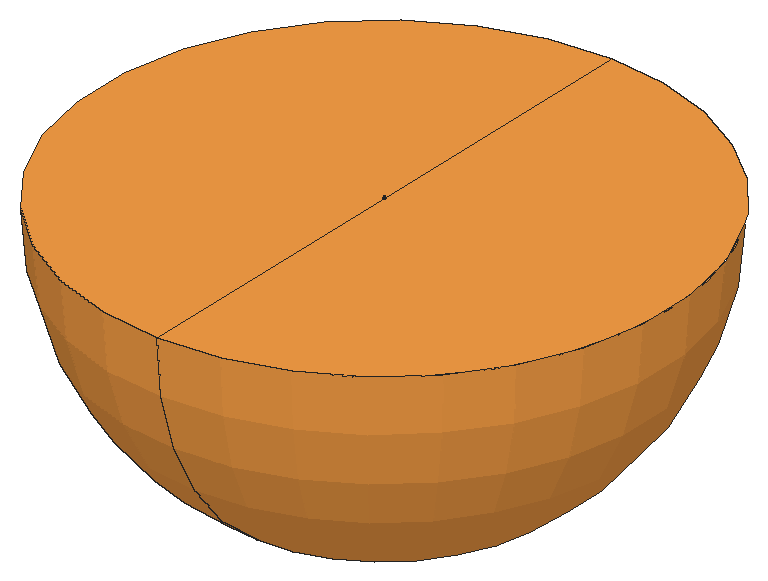
Revit family "Difusores cerrados para aplicaciones generales", category Rociadores, Revit 2017
Family settings
  Mantener orientación de anotación = No
  Cota de conector redondo = Radio de uso
  Tipo de pieza = Normal
  Número OmniClass = 23.65.70.17.11.24
  Título OmniClass = Fire Fighting Sprinkler Heads
  Se basa en plano de trabajo = Sí
  Siempre vertical = Sí
  Corte con vacíos al cargar = No
  Compartido = No
  Punto de cálculo de habitación = No
Parameters (values of type "Difusor cerrado 7 toberas 120º -  2,8 a 35,7 l/min")
  Ángulo = 120.00°
  Zona de acción = yes
  URL = "http://aguilera.es/?productos=difusores-cerrados-de-agua-nebulizada"
  Símbolo texto modelo = yes
  Símbolo = yes
  Respuesta = Norma
  Orificio = Norma
  Nº Toberas = 6
  Modelo = "AN/CC120T7"
  Flujo máximo = 25.5 L/min
  Flujo = 2.0 L/min
  Fabricante = "Aguilera Electrónica"  # constant formula
  Default Elevation = 1219.2 mm
  Descripción = "Cabeza nebulizadora cerrada con bulbo térmico (fusible) que rompe a 57º y abre las toberas. Van equipadas con 5 o 7 toberas montadas en un ángulo de apertura de 120º y un rango de caudales suficiente para cubrir una amplia gama de necesidades."  # constant formula
  Flujo mínimo = 2.0 L/min
  Cobertura = Norma
  Clase de presión = Norma
  120 = yes
Types (3, lengths in mm): name | Nº Toberas | Modelo | Flujo | Flujo mínimo
  (no name) | 6 | "AN/CC120T7" | 2.0 L/min | 2.0 L/min
  Difusor cerrado 5 toberas 120º -  2,4 a 25,5 l/min | 4 | "AN/CC120T5" | 2.4 L/min | 2.4 L/min
  Difusor cerrado 7 toberas 120º -  2,8 a 35,7 l/min | 6 | "AN/CC120T7" | 2.0 L/min | 2.0 L/min
Reference planes
  plane 1 "Centro (Frontal/Posterior)": y = 0
  plane 2: z = 0
  plane 3 "Centro (Izquierda/Derecha)": x = 0
  plane 4: through (4267.2, 0, -48.641) normal (0, -0.866, 0.5)
  plane 5: z = -29
Forms (mm)
  Extrusion 1, solid, material "Acero inoxidable"
    sketch origin (-289.747, -1524, -2) x (-1, 0, 0) y (0, -1, 0)
      loop
        circle (-289.747, -1524) r 8.5
    from 0 to 2
  Extrusion 2, solid, material "Acero inoxidable", detail levels fine
    sketch origin (-289.747, -1524, 2) x (-1, 0, 0) y (0, -1, 0)
      loop
        circle (-289.747, -1524) r 8
    from 0 to 3
  Extrusion 3, solid, material "Acero inoxidable", detail levels fine
    sketch origin (-289.747, -1524, 5) x (-1, 0, 0) y (0, -1, 0)
      loop
        circle (-289.747, -1524) r 8.724
    from 0 to 10
  Extrusion 4, solid, material "Acero inoxidable", detail levels fine
    sketch origin (-289.747, -1524, 15) x (-1, 0, 0) y (0, -1, 0)
      loop
        line (-293.595, -1531.555) -> (-285.899, -1531.555)
        arc (-285.899, -1531.555) -> (-280.799, -1524.165) -> (-285.385, -1516.445) r 8.319
        line (-285.385, -1516.445) -> (-294.109, -1516.445)
        arc (-294.109, -1516.445) -> (-298.696, -1524.165) -> (-293.595, -1531.555) r 8.319
    from 0 to 2.015
  Extrusion 5, solid, material "Acero inoxidable", detail levels fine
    sketch origin (-289.747, -1524, 17.015) x (-1, 0, 0) y (0, -1, 0)
      loop
        circle (-289.747, -1524) r 5
    from 0 to 5.241
  Revolve 6, solid, material "Acero inoxidable", detail levels fine
    sketch origin (0, 0, -30.37) x (0, 1, 0) y (0, 0, 1)
      loop
        line (0, 52.626) -> (0, 55.385) -> (-2.15, 55.385) -> (-5, 53.739) -> (-5, 52.626) -> (0, 52.626)
      axis (0, 55.385) -> (0, 52.626)
    angle from 0 to 360
  Revolve 7, solid, material "Goma", detail levels fine
    sketch origin (0, 0, -26.5) x (0, 1, 0) y (0, 0, 1)
      loop
        line (0, 28.5) -> (-9.003, 28.5)
        arc (-9.003, 28.5) -> (-10.003, 27.5) -> (-9.003, 26.5) r 1
        line (-9.003, 26.5) -> (0, 26.5) -> (0, 28.5)
      axis (0, 28.5) -> (0, 26.5)
    angle from 0 to 360
  Extrusion 8, solid, material "Acero inoxidable"
    sketch origin (-289.747, -1524, 36.5) x (-1, 0, 0) y (0, -1, 0)
      loop
        circle (-289.747, -1524) r 20
    from -50.5 to -38.5
  Revolve 9, solid, material "Acero inoxidable"
    sketch origin (0, 0, 0) x (0, 1, 0) y (0, 0, 1)
      loop
        line (20, -14) -> (0, -14) -> (0, -29) -> (11.34, -29) -> (20, -14)
      axis (0, -14) -> (0, -29)
    angle from 0 to 360
  Extrusion 10, solid, material "Acero inoxidable", visible <- "120", detail levels fine
    sketch origin (4267.2, 0.093, -48.48) x (0, -0.5, -0.866025) y (1, 0, 0)
      loop
        line (-36.366, -4264.319) -> (-36.366, -4270.079) -> (-31.378, -4272.959) -> (-26.389, -4270.079) -> (-26.389, -4264.319) -> (-31.378, -4261.439) -> (-36.366, -4264.319)
    from -3 to 0
  Revolve 11, solid, material "Zona de acción", visible <- "Zona de acción"
    sketch origin (0, 0, 0) x (0, 1, 0) y (0, 0, 1)
      loop
        line (0, 0) -> (-4000, 0)
        arc (-4000, 0) -> (-2828.427, -2828.427) -> (0, -4000) r 4000
        line (0, -4000) -> (0, 0)
      axis (0, 0) -> (0, -4000)
    angle from 0 to 360
  Extrusion 12, solid, material "Acero inoxidable", detail levels coarse
    sketch origin (-289.747, -1524, 31.5) x (-1, 0, 0) y (0, -1, 0)
      loop
        circle (-289.747, -1524) r 10
      loop
        circle (-289.747, -1524) r 8
    from -68.38 to -60.5
  Extrusion 13, solid, material "Acero inoxidable", detail levels coarse
    sketch origin (0, 0, 0) x (0, 1, 0) y (0, 0, 1)
      loop
        line (-8, -36.88) -> (-9.279, -36.88) -> (-9.279, -56.88) -> (-6.823, -59.337) -> (6.823, -59.337) -> (9.279, -56.88) -> (9.279, -36.88) -> (8, -36.88) -> (8, -56.88) -> (-8, -56.88) -> (-8, -36.88)
    from -3 to 3
  Extrusion 14, solid, material "Acero inoxidable", detail levels coarse
    sketch origin (-289.747, -1524, 31.5) x (-1, 0, 0) y (0, -1, 0)
      loop
        circle (-289.747, -1524) r 2.15
    from -92.662 to -90.837
  Extrusion 15, solid, material "Acero inoxidable", visible <- "120", detail levels fine
    sketch origin (2133.68, -3695.457, -48.48) x (-0.433013, -0.25, -0.866025) y (0.5, -0.866025, 0)
      loop
        line (-36.366, -4264.319) -> (-36.366, -4270.079) -> (-31.378, -4272.959) -> (-26.389, -4270.079) -> (-26.389, -4264.319) -> (-31.378, -4261.439) -> (-36.366, -4264.319)
    from -3 to 0
  Extrusion 16, solid, material "Acero inoxidable", visible <- "120", detail levels fine
    sketch origin (2133.52, 3695.55, -48.48) x (0.433013, -0.25, -0.866025) y (0.5, 0.866025, 0)
      loop
        line (-36.366, -4264.319) -> (-36.366, -4270.079) -> (-31.378, -4272.959) -> (-26.389, -4270.079) -> (-26.389, -4264.319) -> (-31.378, -4261.439) -> (-36.366, -4264.319)
    from -3 to 0
  Extrusion 17, solid, material "Acero inoxidable", visible <- "120", detail levels fine
    sketch origin (-2133.68, 3695.457, -48.48) x (0.433013, 0.25, -0.866025) y (-0.5, 0.866025, 0)
      loop
        line (-36.366, -4264.319) -> (-36.366, -4270.079) -> (-31.378, -4272.959) -> (-26.389, -4270.079) -> (-26.389, -4264.319) -> (-31.378, -4261.439) -> (-36.366, -4264.319)
    from -3 to 0
  Extrusion 18, solid, material "Acero inoxidable", visible <- "120", detail levels fine
    sketch origin (-4267.2, -0.093, -48.48) x (0, 0.5, -0.866025) y (-1, 0, 0)
      loop
        line (-36.366, -4264.319) -> (-36.366, -4270.079) -> (-31.378, -4272.959) -> (-26.389, -4270.079) -> (-26.389, -4264.319) -> (-31.378, -4261.439) -> (-36.366, -4264.319)
    from -3 to 0
  Extrusion 19, solid, material "Acero inoxidable", visible <- "120", detail levels fine
    sketch origin (-2133.52, -3695.55, -48.48) x (-0.433013, 0.25, -0.866025) y (-0.5, -0.866025, 0)
      loop
        line (-36.366, -4264.319) -> (-36.366, -4270.079) -> (-31.378, -4272.959) -> (-26.389, -4270.079) -> (-26.389, -4264.319) -> (-31.378, -4261.439) -> (-36.366, -4264.319)
    from -3 to 0
Lines and regions (mm)
  model lines
    curve 1: line (0, 0, 31.5) -> (20, 0, 31.5)
Dimensions and locks
  "Ángulo": angle plane 4 to Revolve 9
  aligned and locked: level to plane 2
  aligned and locked: level to Extrusion 1
  aligned and locked: plane 1 "Centro (Frontal/Posterior)" to Revolve 9 sketch curve
  aligned and locked: Revolve 9 sketch curve to plane 5
Automatic sketch dimensions
  plane 1 "Centro (Frontal/Posterior)" to Extrusion 1 sketch curve = 0 mm
  Extrusion 1 sketch curve to plane 3 "Centro (Izquierda/Derecha)" = 0 mm
  plane 1 "Centro (Frontal/Posterior)" to Extrusion 2 sketch curve = 0 mm
  Extrusion 2 sketch curve to plane 3 "Centro (Izquierda/Derecha)" = 0 mm
  plane 1 "Centro (Frontal/Posterior)" to Extrusion 3 sketch curve = 0 mm
  Extrusion 3 sketch curve to plane 3 "Centro (Izquierda/Derecha)" = 0 mm
  plane 3 "Centro (Izquierda/Derecha)" to Extrusion 4 sketch curve = 4.362 mm
  plane 3 "Centro (Izquierda/Derecha)" to Extrusion 4 sketch curve = 3.848 mm
  plane 1 "Centro (Frontal/Posterior)" to Extrusion 4 sketch curve = 0.118 mm
  plane 3 "Centro (Izquierda/Derecha)" to Extrusion 4 sketch curve = 0.634 mm
  Extrusion 4 sketch curve to plane 3 "Centro (Izquierda/Derecha)" = 0.634 mm
  Extrusion 4 sketch curve to plane 3 "Centro (Izquierda/Derecha)" = 3.848 mm
  Extrusion 4 sketch curve to plane 3 "Centro (Izquierda/Derecha)" = 4.362 mm
  Extrusion 4 sketch curve to plane 1 "Centro (Frontal/Posterior)" = 7.555 mm
  plane 1 "Centro (Frontal/Posterior)" to Extrusion 5 sketch curve = 0 mm
  Extrusion 5 sketch curve to plane 3 "Centro (Izquierda/Derecha)" = 0 mm
  Revolve 6 sketch curve to plane 1 "Centro (Frontal/Posterior)" = 0 mm  (x2)
  Revolve 6 sketch curve to Revolve 6 sketch curve = 2.15 mm
  Revolve 6 sketch curve to Revolve 6 sketch curve = 2.85 mm
  level to Revolve 6 sketch curve = 22.256 mm
  Revolve 6 sketch curve to Revolve 6 sketch curve = 1.114 mm
  Revolve 6 sketch curve to Revolve 6 sketch curve = 2.759 mm
  Revolve 6 sketch curve to Revolve 6 sketch curve = 3.994 mm
  Revolve 6 sketch curve to Revolve 6 sketch curve = 2.611 mm
  Revolve 7 sketch curve to level = 0 mm
  Revolve 7 sketch curve to plane 1 "Centro (Frontal/Posterior)" = 0 mm  (x2)
  Revolve 7 sketch curve to Revolve 7 sketch curve = 9.003 mm
  Revolve 7 sketch curve to Revolve 7 sketch curve = 1 mm
  Revolve 7 sketch curve to Revolve 7 sketch curve = 1.206 mm
  Revolve 7 sketch curve to Revolve 7 sketch curve = 1.932 mm
  plane 1 "Centro (Frontal/Posterior)" to Extrusion 8 sketch curve = 0 mm
  Extrusion 8 sketch curve to plane 3 "Centro (Izquierda/Derecha)" = 0 mm
  Revolve 9 sketch curve to plane 1 "Centro (Frontal/Posterior)" = 0 mm
  Revolve 9 sketch curve to plane 4 = 0 mm  (x3)
  Revolve 9 sketch curve to level = 14 mm
  Revolve 9 sketch curve to Revolve 9 sketch curve = 7 mm
  plane 1 "Centro (Frontal/Posterior)" to curve 1 = 0 mm
  curve 1 to plane 3 "Centro (Izquierda/Derecha)" = 0 mm
  plane 3 "Centro (Izquierda/Derecha)" to curve 1 = 20 mm
  Extrusion 10 sketch curve to Extrusion 10 sketch curve = 4.988 mm  (x3)
  Extrusion 10 sketch curve to Extrusion 10 sketch curve = 2.88 mm  (x3)
  Extrusion 10 sketch curve to Extrusion 10 sketch curve = 5.76 mm  (x2)
  Revolve 11 sketch curve to level = 0 mm
  Revolve 11 sketch curve to plane 1 "Centro (Frontal/Posterior)" = 0 mm  (x2)
  Revolve 11 sketch curve to Revolve 11 sketch curve = 4000 mm
  Revolve 11 sketch curve to plane 5 = 151.654 mm
  level to Revolve 11 sketch curve = 180 mm
  Extrusion 12 sketch curve to Extrusion 12 sketch curve = 0 mm  (x2)
  plane 1 "Centro (Frontal/Posterior)" to Extrusion 12 sketch curve = 0 mm
  Extrusion 12 sketch curve to plane 3 "Centro (Izquierda/Derecha)" = 0 mm
  plane 1 "Centro (Frontal/Posterior)" to Extrusion 13 sketch curve = 9.279 mm
  Extrusion 13 sketch curve to Extrusion 13 sketch curve = 1.279 mm  (x2)
  Extrusion 13 sketch curve to Extrusion 13 sketch curve = 1.177 mm  (x2)
  Extrusion 13 sketch curve to plane 1 "Centro (Frontal/Posterior)" = 6.823 mm
  Extrusion 13 sketch curve to plane 5 = 30.337 mm
  Extrusion 13 sketch curve to Extrusion 13 sketch curve = 2.456 mm
  Extrusion 13 sketch curve to Extrusion 13 sketch curve = 0 mm  (x2)
  Extrusion 13 sketch curve to plane 5 = 7.88 mm  (x2)
  plane 1 "Centro (Frontal/Posterior)" to Extrusion 14 sketch curve = 0 mm
  Extrusion 14 sketch curve to plane 3 "Centro (Izquierda/Derecha)" = 0 mm
  Extrusion 15 sketch curve to Extrusion 15 sketch curve = 4.988 mm  (x3)
  Extrusion 15 sketch curve to Extrusion 15 sketch curve = 2.88 mm  (x3)
  Extrusion 15 sketch curve to Extrusion 15 sketch curve = 5.76 mm  (x2)
  Extrusion 16 sketch curve to Extrusion 16 sketch curve = 4.988 mm  (x3)
  Extrusion 16 sketch curve to Extrusion 16 sketch curve = 2.88 mm  (x3)
  Extrusion 16 sketch curve to Extrusion 16 sketch curve = 5.76 mm  (x2)
  Extrusion 17 sketch curve to Extrusion 17 sketch curve = 4.988 mm  (x3)
  Extrusion 17 sketch curve to Extrusion 17 sketch curve = 2.88 mm  (x3)
  Extrusion 17 sketch curve to Extrusion 17 sketch curve = 5.76 mm  (x2)
  Extrusion 18 sketch curve to Extrusion 18 sketch curve = 4.988 mm  (x3)
  Extrusion 18 sketch curve to Extrusion 18 sketch curve = 2.88 mm  (x3)
  Extrusion 18 sketch curve to Extrusion 18 sketch curve = 5.76 mm  (x2)
  Extrusion 19 sketch curve to Extrusion 19 sketch curve = 4.988 mm  (x3)
  Extrusion 19 sketch curve to Extrusion 19 sketch curve = 2.88 mm  (x3)
  Extrusion 19 sketch curve to Extrusion 19 sketch curve = 5.76 mm  (x2)
  radius of Extrusion 1 sketch curve = 8.5 mm
  radius of Extrusion 2 sketch curve = 8 mm
  radius of Extrusion 3 sketch curve = 8.724 mm
  radius of Extrusion 5 sketch curve = 5 mm
  radius of Extrusion 8 sketch curve = 20 mm
  radius of Extrusion 12 sketch curve = 10 mm
  radius of Extrusion 12 sketch curve = 8 mm
  radius of Extrusion 14 sketch curve = 2.15 mm
Nested families
  nested 1: "S_Difusor cerrado_Aguilera Extinción" at (0, 0, 0), visible <- "Símbolo", type "S_Difusor cerrado_Aguilera Extinción", detail levels coarse
Connectors
  piping at (0, 0, 0), diameter 20, driven by "Flujo"
    settings: on Extrusion 1, index 1, connector inside diameter 609.6 mm, connector length 0 mm, flow factor 0, pipe flow 2.0 L/min, pressure drop 0.0 Pa, fitting loss kfactor 0, connector angle 0.00°, fixture units 0, engagement length 0 mm, angle of deflection 0.00°, flow configuration 0, flow direction 1, fitting loss method 0, system type 24, joint type 0, gender type 0, connector reference index -1, connector utility 0, adjustable connector no, is connector primary yes, connector description ""
Definition of nested family "S_Difusor cerrado_Aguilera Extinción"
  Parameters (values of type "S_Difusor cerrado_Aguilera Extinción")
    Texto símbolo = "Difusor cerrado"
    Texto modelo = yes
    Modelo = "Difusor cerrado"
  Reference planes
    plane 1: y = 0
    plane 2: x = 0
  Lines and regions (mm)
    Filled region 1, type "Negro uniforme"
      outline origin (0, 0, 0) x (1, 0, 0) y (0, 1, 0)
        loop
          circle (0, 0) r 1.49
    detail lines
      curve 1: circle (0, 0, 0) r 1.49 normal (0, 0, 1)
      curve 2: line (1.699, 0, 0) -> (2.813, 0, 0)
      curve 3: line (1.201, 1.201, 0) -> (1.989, 1.989, 0)
      curve 4: line (0, 1.699, 0) -> (0, 2.813, 0)
      curve 5: line (-1.699, 0, 0) -> (-2.813, 0, 0)
      curve 6: line (-1.201, 1.201, 0) -> (-1.989, 1.989, 0)
      curve 7: line (1.201, -1.201, 0) -> (1.989, -1.989, 0)
      curve 8: line (0, -1.699, 0) -> (0, -2.813, 0)
      curve 9: line (-1.201, -1.201, 0) -> (-1.989, -1.989, 0)
  Text (mm)
    label "Texto símbolo" at (-0.164, 4.036, 0), shows "Texto símbolo", visible <- "Texto modelo"
    label "Modelo" at (-0.164, -4.339, 0), shows "Modelo", visible <- "Texto modelo"
